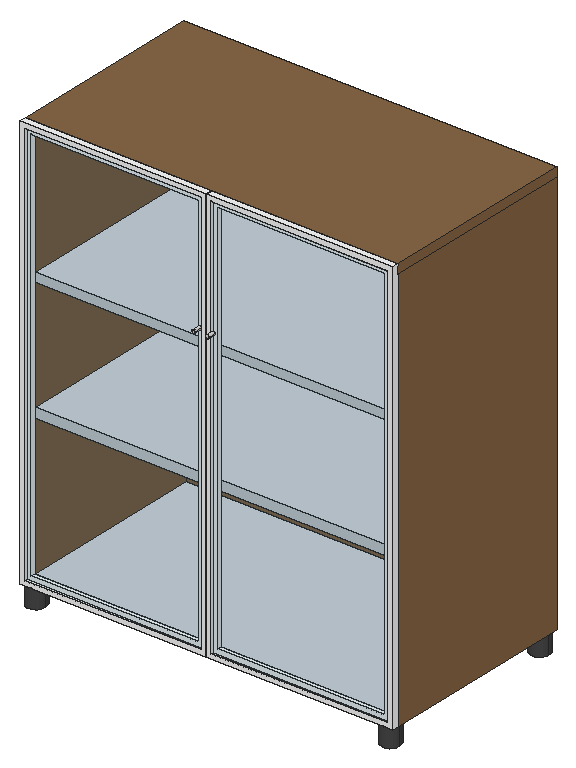
Revit family
Parameters
  후판두께 = 20 mm
  폭 = 800 mm
  측판두께 = 20 mm
  선반두께 [instance] = 20 mm
  상판두께 = 20 mm
  밑판두께 = 20 mm
  높이 = 1160 mm
  깊이 = 425 mm
  Assembly Code = ""
Reference planes
  plane 1 "Center (Front/Back)": y = 0
  plane 2: z = 0
  plane 3 "Center (Left/Right)": x = 0
  plane 4 "left": x = -400
  plane 5 "right": x = 400
  plane 6 "back": y = 212.5
  plane 7 "front": y = -212.5
  plane 8 "Top": z = 890
  plane 9: z = 600
  plane 10: z = 340
Forms (mm)
  Extrusion 1, solid, material "판"
    sketch origin (0, 0, 0) x (1, 0, 0) y (0, 1, 0)
      loop
        line (-400, 212.5) -> (-400, -212.5) -> (-380, -212.5) -> (-380, 212.5) -> (-400, 212.5)
      loop
        line (380, 212.5) -> (380, -212.5) -> (400, -212.5) -> (400, 212.5) -> (380, 212.5)
    from 0 to 870
  Extrusion 2, solid, material "판"
    sketch origin (0, 0, 0) x (1, 0, 0) y (0, 1, 0)
      loop
        line (-380, 212.5) -> (-380, 192.5) -> (380, 192.5) -> (380, 212.5) -> (-380, 212.5)
    from 0 to 870
  Extrusion 3, solid
    sketch origin (0, 0, 0) x (1, 0, 0) y (0, 1, 0)
      loop
        line (-380, -212.5) -> (380, -212.5) -> (380, 192.5) -> (-380, 192.5) -> (-380, -212.5)
    from 0 to 20
  Extrusion 4, solid, material "판"
    sketch origin (0, 0, 0) x (1, 0, 0) y (0, 1, 0)
      loop
        line (-400, 212.5) -> (-400, -212.5) -> (400, -212.5) -> (400, 212.5) -> (-400, 212.5)
    from 870 to 890
  Extrusion 5, solid
    sketch origin (0, -212.5, 80) x (-1, 0, 0) y (0, 0, 1)
      loop
        line (380, 260) -> (-380, 260) -> (-380, 240) -> (380, 240) -> (380, 260)
      loop
        line (380, 520) -> (-380, 520) -> (-380, 500) -> (380, 500) -> (380, 520)
    from 0 to 405
  Sweep 6, solid, material "문테두리"
    path origin (0, -212.5, 0) x (-1, 0, 0) y (0, 0, 1)
      loop
        line (400, 890) -> (0, 890) -> (0, 0) -> (400, 0) -> (400, 890)
    profile origin (-200, -212.5, 890) x (0, 0, -1) y (0, 1, 0)
      loop
        line (0, 0) -> (0, -15) -> (10, -15) -> (10, -10) -> (20, -10) -> (20, 0) -> (0, 0)
  Sweep 7, solid, material "문테두리"
    path origin (400, -212.5, 0) x (-1, 0, 0) y (0, 0, 1)
      loop
        line (400, 890) -> (0, 890) -> (0, 0) -> (400, 0) -> (400, 890)
    profile origin (200, -212.5, 890) x (0, 0, -1) y (0, 1, 0)
      loop
        line (0, 0) -> (0, -15) -> (10, -15) -> (10, -10) -> (20, -10) -> (20, 0) -> (0, 0)
  Extrusion 8, solid, material "Glass"
    sketch origin (0, -212.5, 0) x (-1, 0, 0) y (0, 0, 1)
      loop
        line (390, 880) -> (10, 880) -> (10, 10) -> (390, 10) -> (390, 880)
      loop
        line (-10, 10) -> (-10, 880) -> (-390, 880) -> (-390, 10) -> (-10, 10)
    from -15 to -10
  Extrusion 9, solid, material "손잡이"
    sketch origin (0, -212.5, 0) x (-1, 0, 0) y (0, 0, 1)
      loop
        circle (-15.198, 627.255) r 3.486
      loop
        circle (14.802, 627.255) r 3.486
    from -15 to -30
  Extrusion 10, solid, material "wheel"
    sketch origin (0, 0, 0) x (1, 0, 0) y (0, 1, 0)
      loop
        circle (-380, 192.5) r 20
      loop
        circle (380, 192.5) r 20
      loop
        circle (379.635, -207.678) r 20
      loop
        circle (-380.365, -207.678) r 20
    from 0 to -40
Dimensions and locks
  "폭": plane 4 "left" to plane 5 "right"
  equal spacing: plane 4 "left", plane 3 "Center (Left/Right)", plane 5 "right"
  "깊이": plane 6 "back" to plane 7 "front"
  equal spacing: plane 6 "back", plane 1 "Center (Front/Back)", plane 7 "front"
  plane 8 "Top" to level = 890 mm
  "측판두께": Extrusion 1 sketch curve to Extrusion 1 sketch curve  (x2)
  "후판두께": Extrusion 2 to Extrusion 2
  "밑판두께": Extrusion 3 to Extrusion 3
  "상판두께": Extrusion 4 to Extrusion 4
  Extrusion 4 to plane 9 to plane 10 to Extrusion 3 = 270 mm, 260 mm, 340 mm
  "선반두께": Extrusion 5 sketch curve to Extrusion 5 sketch curve  (x2)
  aligned and locked: Extrusion 1 sketch curve to plane 6 "back"  (x2)
  aligned and locked: plane 4 "left" to Extrusion 1 sketch curve
  aligned and locked: plane 7 "front" to Extrusion 1 sketch curve  (x2)
  aligned and locked: Extrusion 1 sketch curve to plane 5 "right"
  aligned and locked: Extrusion 2 sketch curve to plane 6 "back"
  aligned and locked: Extrusion 2 sketch curve to Extrusion 1
  aligned and locked: Extrusion 1 to Extrusion 2 sketch curve
  aligned and locked: Extrusion 2 to level
  aligned and locked: Extrusion 1 to level
  aligned and locked: Extrusion 3 sketch curve to Extrusion 1
  aligned and locked: Extrusion 1 to Extrusion 3 sketch curve
  aligned and locked: Extrusion 2 to Extrusion 3 sketch curve
  aligned and locked: Extrusion 3 sketch curve to Extrusion 2
  aligned and locked: Extrusion 3 to level
  aligned and locked: Extrusion 4 sketch curve to Extrusion 1  (x3)
  aligned and locked: Extrusion 1 to Extrusion 4 sketch curve
  aligned and locked: plane 8 "Top" to Extrusion 4
  aligned and locked: plane 5 "right" to Extrusion 4
  aligned and locked: Extrusion 4 to plane 4 "left"
  aligned and locked: Extrusion 1 to Extrusion 4
  aligned and locked: Extrusion 1 to Extrusion 2
  aligned and locked: Extrusion 5 sketch curve to plane 9
  aligned and locked: Extrusion 1 to Extrusion 5 sketch curve  (x4)
  aligned and locked: Extrusion 5 sketch curve to plane 10
  aligned and locked: Extrusion 5 to Extrusion 2
  aligned and locked: Extrusion 4 to Sweep 6 sketch curve
  aligned and locked: Sweep 6 sketch curve to Extrusion 4
  aligned and locked: Extrusion 2 to Sweep 6 sketch curve
  aligned and locked: plane 3 "Center (Left/Right)" to Sweep 6 sketch curve
  aligned and locked: Sweep 6 to Extrusion 8 sketch curve
  aligned and locked: Extrusion 8 sketch curve to Sweep 6  (x3)
  aligned and locked: Extrusion 8 sketch curve to Sweep 7  (x4)
Automatic sketch dimensions
  Extrusion 2 sketch curve to plane 6 "back" = 20 mm
  Sweep 6 sketch curve to plane 7 "front" = 0 mm
  Sweep 6 sketch curve to profile plane = 0 mm
  Sweep 6 sketch curve to profile plane = 10 mm
  Sweep 6 sketch curve to Sweep 6 sketch curve = 10 mm
  Sweep 6 sketch curve to plane 7 "front" = 10 mm
  Sweep 6 sketch curve to Sweep 6 sketch curve = 5 mm
  Sweep 7 sketch curve to plane 5 "right" = 0 mm
  Sweep 7 sketch curve to level = 0 mm
  Sweep 7 sketch curve to plane 3 "Center (Left/Right)" = 0 mm
  Sweep 7 sketch curve to plane 8 "Top" = 0 mm
  Sweep 7 sketch curve to plane 7 "front" = 0 mm
  Sweep 7 sketch curve to profile plane = 0 mm
  Sweep 7 sketch curve to profile plane = 10 mm
  Sweep 7 sketch curve to Sweep 7 sketch curve = 10 mm
  Sweep 7 sketch curve to plane 7 "front" = 10 mm
  Sweep 7 sketch curve to Sweep 7 sketch curve = 5 mm
  plane 3 "Center (Left/Right)" to Extrusion 9 sketch curve = 15.198 mm
  Extrusion 9 sketch curve to plane 3 "Center (Left/Right)" = 14.802 mm
  Extrusion 9 sketch curve to plane 8 "Top" = 262.745 mm
  Extrusion 9 sketch curve to Extrusion 9 sketch curve = 0 mm
  plane 7 "front" to Extrusion 10 sketch curve = 4.822 mm  (x2)
  plane 4 "left" to Extrusion 10 sketch curve = 19.635 mm
  plane 4 "left" to Extrusion 10 sketch curve = 20 mm
  Extrusion 10 sketch curve to plane 5 "right" = 20.365 mm
  Extrusion 10 sketch curve to plane 5 "right" = 20 mm
  Extrusion 10 sketch curve to plane 6 "back" = 20 mm  (x2)
  radius of Extrusion 9 sketch curve = 3.486 mm  (x2)
  radius of Extrusion 10 sketch curve = 20 mm  (x4)
